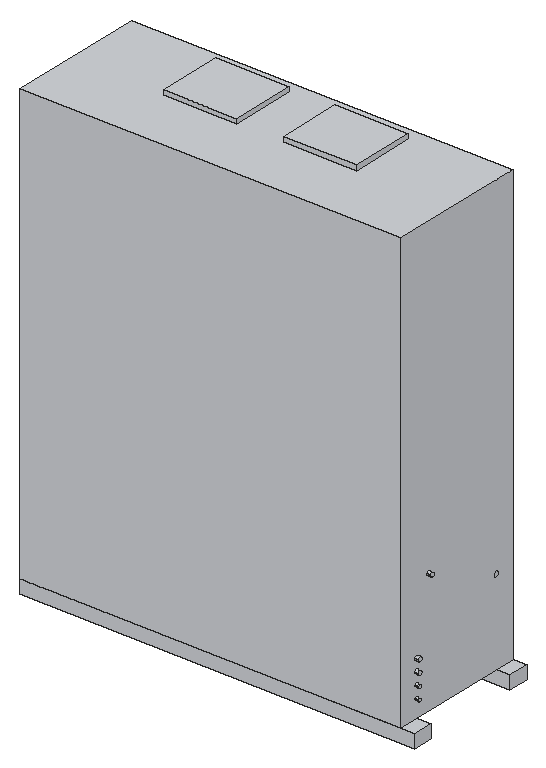
Revit family "03ec7fed845d44ffada9b8b48f5d2ac9", category Mechanical Equipment, Revit 2021
Family settings
  Round Connector Dimension = Use Radius
  Part Type = Normal
  OmniClass Number = 23.75.10.24.21.27.11
  OmniClass Title = Packaged Air Conditioners
  Seek Item ID = Air Conditioner - Vertical Packaged - Air Cooled - 10-15 Tons-0000-USA-ENU
  Work Plane-Based = No
  Always vertical = Yes
  Cut with Voids When Loaded = No
  Shared = No
  Room Calculation Point = No
Parameters (values of type "15 Tons")
  Voltage = 460 V
  Outlet Radius = 3/8"
  Outlet Diameter = Outlet Radius * 2  # 3/4"
  Number of Poles = 3
  Material = none
  Load Classification = Cooling
  Inlet Radius = 1/4"
  Inlet Diameter = Inlet Radius * 2  # 1/2"
  Height 1 = 2' - 1 131/256"
  Duct Width = 15 51/128"
  Duct Height = 13 169/256"
  Drain Radius = 3/8"
  Drain Flow [instance] = 0 GPM
  Default Elevation = 0' - 0"
  Conditioner Width = 2' - 5 133/256"
  Conditioner Length = 6' - 8 79/256"
  Conditioner Height = 7' - 8 91/128"
  C7 Offset 2 = 0' - 7 23/128"
  C7 Offset 1 = 2' - 5 3/256"
  C5 Offset 2 = 1' - 6 9/64"
  C5 Offset 1 = 0' - 4 45/128"
  C4 Offset 2 = 0' - 2 143/256"
  C3 Offset 2 = 0' - 2 143/256"
  C2 Offset 2 = 0' - 2 143/256"
  C6 Offset1 = 1' - 7 53/64"
  C1 Offset 2 = 0' - 3 241/256"
  C1 Offset 1 = 0' - 3 241/256"
  Assembly Code = ""
  Apparent Load = 16700 VA
  Air Flow [instance] = 3000 CFM
Types (3): name | Outlet Radius | Outlet Diameter | Material | Conditioner Length | Conditioner Height | C7 Offset 2 | C7 Offset 1 | C5 Offset 2 | C6 Offset1 | Apparent Load | Air Flow
  10 Tons | 5/16" | 5/8" | Air Infiltration Barrier | 5' - 5 3/4" | 7' - 4 25/32" | 0' - 7 123/256" | 2' - 1" | 1' - 2 51/256" | 0' - 7 5/128" | 12400 VA | 2000 CFM
  12 Tons | 5/16" | 5/8" | none | 5' - 5 3/4" | 7' - 8 91/128" | 0' - 7 123/256" | 2' - 5 3/256" | 1' - 6 9/64" | 0' - 7 5/128" | 13100 VA | 2400 CFM
  15 Tons | 3/8" | 3/4" | none | 6' - 8 79/256" | 7' - 8 91/128" | 0' - 7 23/128" | 2' - 5 3/256" | 1' - 6 9/64" | 1' - 7 53/64" | 16700 VA | 3000 CFM
Reference planes (in)
  plane 1 "Center (Front/Back)": y = 0
  plane 2: z = 0
  plane 3 "Center (Left/Right)": x = 0
  plane 4: y = 29.51953
  plane 5: x = 80.30859
  plane 6: z = 95.47094
  plane 7: z = 2.76
  plane 8: z = 49.11547
  plane 9: z = 61.87133
  plane 10: z = 36.35961
  plane 11: x = 2
  plane 12: x = 78.30859
  plane 13: y = 25.21953
  plane 14: y = 4.3
  plane 15: x = 83.30859
  plane 16: y = 3.94141
  plane 17: z = 9.26
  plane 18: z = 6.70141
  plane 19: y = 25.16797
  plane 20: z = 20.90062
  plane 21: x = 81.30859
  plane 22: x = 79.30859
  plane 23: x = -1
  plane 24: z = 11.81859
  plane 25: z = 14.37719
  plane 26: x = 19.82813
  plane 27: x = 35.22656
  plane 28: x = 45.06656
  plane 29: y = 26.84969
  plane 30: y = 13.18953
  plane 31: x = 60.465
  plane 32: z = 96.47094
  plane 33: z = 29.01172
  plane 34: y = 7.17969
Forms (in)
  Extrusion 1, solid, material <- "Material"
    sketch origin (0, 0, 0) x (1, 0, 0) y (0, 1, 0)
      loop
        line (0, 29.51953) -> (0, 0) -> (80.30859, 0) -> (80.30859, 29.51953) -> (0, 29.51953)
    from 2.76 to 95.47094
  Extrusion 2, solid, material <- "Material"
    sketch origin (0, 0, 0) x (1, 0, 0) y (0, 1, 0)
      loop
        line (0, 29.51953) -> (0, 25.21953) -> (83.30859, 25.21953) -> (83.30859, 29.51953) -> (0, 29.51953)
    from 0 to 2.76
  Extrusion 3, solid, material <- "Material"
    sketch origin (0, 0, 0) x (1, 0, 0) y (0, 1, 0)
      loop
        line (0, 4.3) -> (0, 0) -> (83.30859, 0) -> (83.30859, 4.3) -> (0, 4.3)
    from 0 to 2.76
  Extrusion 4, solid, material <- "Material"
    sketch origin (0, 0, 0) x (0, 1, 0) y (0, 0, 1)
      loop
        circle (3.94141, 9.26) r 0.25
    from 80.30859 to 81.30859
  Extrusion 5, solid, material <- "Material"
    sketch origin (0, 0, 0) x (0, 1, 0) y (0, 0, 1)
      loop
        circle (3.94141, 6.70141) r 0.25
    from 80.30859 to 81.30859
  Extrusion 6, solid, material <- "Material"
    sketch origin (0, 0, 0) x (0, 1, 0) y (0, 0, 1)
      loop
        circle (25.16797, 20.90062) r 0.5
    from 79.30859 to 80.30859
  Extrusion 7, solid, material <- "Material"
    sketch origin (0, 0, 0) x (0, 1, 0) y (0, 0, 1)
      loop
        circle (3.94141, 14.37719) r 0.375
    from 80.30859 to 81.30859
  Extrusion 8, solid, material <- "Material"
    sketch origin (0, 0, 0) x (0, 1, 0) y (0, 0, 1)
      loop
        circle (3.94141, 11.81859) r 0.375
    from 80.30859 to 81.30859
  Extrusion 9, solid
    sketch origin (0, 0, 0) x (1, 0, 0) y (0, 1, 0)
      loop
        line (19.82813, 26.84969) -> (19.82813, 13.18953) -> (35.22656, 13.18953) -> (35.22656, 26.84969) -> (19.82813, 26.84969)
      loop
        line (45.06656, 26.84969) -> (45.06656, 13.18953) -> (60.465, 13.18953) -> (60.465, 26.84969) -> (45.06656, 26.84969)
    from 96.47094 to 95.47094
  Extrusion 10, solid
    sketch origin (80.30859, 49.54919, 48) x (0, 1, 0) y (0, 0, 1)
      loop
        circle (-42.3695, -18.98828) r 0.375
    from 0 to 1
Lines and regions (in)
  model lines, detail levels fine
    curve 1: line (2, 0, 61.87133) -> (78.30859, 0, 61.87133)
    curve 2: line (2, 0, 36.35961) -> (2, 0, 61.87133)
    curve 3: line (78.30859, 0, 36.35961) -> (2, 0, 36.35961)
    curve 4: line (78.30859, 0, 61.87133) -> (78.30859, 0, 36.35961)
    curve 5: line (2, 0, 49.11547) -> (78.30859, 0, 49.11547)
    curve 6: line (2, 0, 57.61937) -> (78.30859, 0, 57.61937)
    curve 7: line (2, 0, 44.86352) -> (78.30859, 0, 44.86352)
    curve 8: line (2, 0, 40.61156) -> (78.30859, 0, 40.61156)
    curve 9: line (2, 0, 53.36742) -> (78.30859, 0, 53.36742)
Dimensions and locks (in)
  "Conditioner Length": plane 3 "Center (Left/Right)" to plane 5
  "Conditioner Width": plane 4 to plane 1 "Center (Front/Back)"
  locked: plane 7 to plane 2 at 2.76
  "Conditioner Height": plane 6 to plane 7
  equal spacing: plane 6, plane 8, plane 7
  equal spacing: plane 9, plane 8, plane 10
  "Height 1": plane 9 to plane 10
  locked: plane 11 to plane 3 "Center (Left/Right)" at 2
  locked: plane 5 to plane 12 at 2
  locked: plane 4 to plane 13 at 4.3
  locked: plane 14 to plane 1 "Center (Front/Back)" at 4.3
  locked: plane 5 to plane 15 at 3
  "C1 Offset 1": plane 1 "Center (Front/Back)" to plane 16
  "C1 Offset 2": plane 18 to plane 7
  "C3 Offset 2": plane 17 to plane 18
  "C5 Offset 1": plane 19 to plane 4
  "C5 Offset 2": plane 20 to plane 7
  locked: plane 21 to plane 5 at 1
  locked: plane 5 to plane 22 at 1
  locked: plane 3 "Center (Left/Right)" to plane 23 at 1
  equal spacing: curve 1, curve 6, curve 9, curve 5, curve 7, curve 8, curve 3
  "C2 Offset 2": plane 24 to plane 17
  "C4 Offset 2": plane 25 to plane 24
  "Duct Width": plane 28 to plane 31
  "Duct Width": plane 26 to plane 27
  "C6 Offset1": plane 3 "Center (Left/Right)" to plane 26
  locked: plane 27 to plane 28 at 9.84
  "Duct Height": plane 29 to plane 30
  locked: plane 4 to plane 29 at 2.66984
  locked: plane 32 to plane 6 at 1
  "C7 Offset 1": plane 33 to plane 2
  "C7 Offset 2": plane 34 to plane 1 "Center (Front/Back)"
  "Inlet Radius": radius of Extrusion 4 sketch curve
  "Inlet Radius": radius of Extrusion 5 sketch curve
  radius of Extrusion 6 sketch curve = 0' - 0 1/2"
  "Outlet Radius": radius of Extrusion 7 sketch curve
  "Outlet Radius": radius of Extrusion 8 sketch curve
  "Drain Radius": radius of Extrusion 10 sketch curve
  aligned and locked: Extrusion 1 to plane 3 "Center (Left/Right)"
  aligned and locked: Extrusion 1 to plane 4
  aligned and locked: plane 5 to Extrusion 1
  aligned and locked: plane 1 "Center (Front/Back)" to Extrusion 1
  aligned and locked: Extrusion 1 to plane 6
  aligned and locked: Extrusion 1 to plane 7
  aligned and locked: plane 11 to curve 1
  aligned and locked: curve 1 to plane 9
  aligned and locked: curve 4 to plane 12
  aligned and locked: Extrusion 2 to plane 13
  aligned and locked: Extrusion 3 to plane 14
  aligned and locked: Extrusion 2 to plane 4
  aligned and locked: plane 1 "Center (Front/Back)" to Extrusion 3
  aligned and locked: plane 15 to Extrusion 2
  aligned and locked: Extrusion 3 to plane 15
  aligned and locked: Extrusion 2 to plane 3 "Center (Left/Right)"
  aligned and locked: Extrusion 3 to plane 3 "Center (Left/Right)"
  aligned and locked: Extrusion 3 to plane 2
  aligned and locked: Extrusion 2 to plane 2
  aligned and locked: Extrusion 3 to plane 7
  aligned and locked: Extrusion 2 to plane 7
  aligned and locked: plane 17 to Extrusion 4 sketch curve
  aligned and locked: plane 16 to Extrusion 4 sketch curve
  aligned and locked: plane 16 to Extrusion 5 sketch curve
  aligned and locked: plane 18 to Extrusion 5 sketch curve
  aligned and locked: plane 19 to Extrusion 6 sketch curve
  aligned and locked: plane 20 to Extrusion 6 sketch curve
  aligned and locked: plane 21 to Extrusion 4
  aligned and locked: plane 21 to Extrusion 5
  aligned and locked: Extrusion 4 to plane 5
  aligned and locked: Extrusion 5 to plane 5
  aligned and locked: plane 22 to Extrusion 6
  aligned and locked: plane 5 to Extrusion 6
  aligned and locked: plane 11 to curve 6
  aligned and locked: plane 12 to curve 6
  aligned and locked: plane 25 to Extrusion 7 sketch curve
  aligned and locked: plane 16 to Extrusion 7 sketch curve
  aligned and locked: plane 16 to Extrusion 8 sketch curve
  aligned and locked: plane 24 to Extrusion 8 sketch curve
  aligned and locked: plane 21 to Extrusion 7
  aligned and locked: plane 21 to Extrusion 8
  aligned and locked: Extrusion 7 to plane 5
  aligned and locked: Extrusion 8 to plane 5
  aligned and locked: plane 26 to Extrusion 9 sketch curve
  aligned and locked: Extrusion 9 sketch curve to plane 29  (x2)
  aligned and locked: plane 30 to Extrusion 9 sketch curve  (x2)
  aligned and locked: Extrusion 9 sketch curve to plane 27
  aligned and locked: plane 28 to Extrusion 9 sketch curve
  aligned and locked: Extrusion 9 sketch curve to plane 31
  aligned and locked: Extrusion 9 to Extrusion 1
  aligned and locked: plane 32 to Extrusion 9
  aligned and locked: plane 33 to Extrusion 10 sketch curve
  aligned and locked: plane 34 to Extrusion 10 sketch curve
  aligned and locked: Extrusion 10 to Extrusion 1
  aligned and locked: Extrusion 4 to Extrusion 10
Automatic sketch dimensions
  Extrusion 1 sketch curve to plane 1 "Center (Front/Back)" = 0' - 0"
  Extrusion 1 sketch curve to plane 3 "Center (Left/Right)" = 0' - 0"
  Extrusion 1 sketch curve to plane 5 = 0' - 0"
  Extrusion 1 sketch curve to plane 4 = 0' - 0"
  Extrusion 2 sketch curve to plane 3 "Center (Left/Right)" = 0' - 0"
  plane 5 to Extrusion 2 sketch curve = 0' - 3"
  Extrusion 2 sketch curve to plane 4 = 0' - 4.3"
  Extrusion 2 sketch curve to plane 4 = 0' - 0"
  Extrusion 3 sketch curve to plane 3 "Center (Left/Right)" = 0' - 0"
  Extrusion 3 sketch curve to plane 1 "Center (Front/Back)" = 0' - 0"
  plane 5 to Extrusion 3 sketch curve = 0' - 3"
  Extrusion 3 sketch curve to Extrusion 3 sketch curve = 0' - 4.3"
  curve 4 to plane 10 = 0' - 0"
Connectors (in)
  piping at (81.30859, 3.94141, 6.70141), diameter 0.5, driven by "Inlet Radius"
    settings: on Extrusion 5, index 1, connector inside diameter 1/2", connector length 0' - 0", flow factor 0, pipe flow 0 GPM, pressure drop 0.00 psi, fitting loss kfactor 0, connector angle 0.00°, fixture units 0, engagement length 0' - 0", angle of deflection 0.00°, flow configuration 1, flow direction 1, fitting loss method 0, system type 22, joint type 0, gender type 0, connector reference index -1, connector utility 0, adjustable connector no, is connector primary yes, connector description "Cryogen In"
  piping at (81.30859, 3.94141, 11.81859), diameter 0.5, driven by "Inlet Radius"
    settings: on Extrusion 8, index 2, connector inside diameter 1/2", connector length 0' - 0", flow factor 0, pipe flow 0 GPM, pressure drop 0.00 psi, fitting loss kfactor 0, connector angle 0.00°, fixture units 0, engagement length 0' - 0", angle of deflection 0.00°, flow configuration 1, flow direction 2, fitting loss method 0, system type 22, joint type 0, gender type 0, connector reference index -1, connector utility 0, adjustable connector no, is connector primary no, connector description "Cryogen In"
  piping at (81.30859, 3.94141, 9.26), diameter 0.75, driven by "Outlet Radius"
    settings: on Extrusion 4, index 5, connector inside diameter 3/4", connector length 0' - 0", flow factor 0, pipe flow 0 GPM, pressure drop 0.00 psi, fitting loss kfactor 0, connector angle 0.00°, fixture units 0, engagement length 0' - 0", angle of deflection 0.00°, flow configuration 1, flow direction 1, fitting loss method 0, system type 22, joint type 0, gender type 0, connector reference index -1, connector utility 0, adjustable connector no, is connector primary no, connector description "Cryogen Out"
  piping at (81.30859, 3.94141, 14.37719), diameter 0.75, driven by "Outlet Radius"
    settings: on Extrusion 7, index 6, connector inside diameter 3/4", connector length 0' - 0", flow factor 0, pipe flow 0 GPM, pressure drop 0.00 psi, fitting loss kfactor 0, connector angle 0.00°, fixture units 0, engagement length 0' - 0", angle of deflection 0.00°, flow configuration 1, flow direction 2, fitting loss method 0, system type 22, joint type 0, gender type 0, connector reference index -1, connector utility 0, adjustable connector no, is connector primary no, connector description "Cryogen Out"
  electrical at (80.30859, 25.16797, 20.90062), driven by "Apparent Load", driven by "Voltage", driven by "Number of Poles", driven by "Load Classification"
    settings: on Extrusion 6, index 9, voltage 460 V, apparent load 16700 VA, apparent load phase1 0 VA, apparent load phase2 0 VA, apparent load phase3 0 VA, power factor 0.8, load classification "Cooling", number of poles 3, system type 30, power factor state 1, is connector primary yes, connector utility no, sub classification motor no, connector description ""
  hvac at (27.52734, 20.01961, 96.47094), driven by "Air Flow", driven by "Duct Height", driven by "Duct Width"
    settings: on Extrusion 9, index 10, duct flow 3000 CFM, flow factor 0, pres drop 0.00 in-wg, loss coef 0, conn angle 0.00°, conn width 15 51/128", conn height 13 169/256", conn diameter 24", duct sys type 1, conn prof type 1, flow config 0, flow direction 2, loss method 0, conn ref index -1, conn util no, is conn primary yes, conn desc ""
  hvac at (52.76578, 20.01961, 96.47094), driven by "Air Flow", driven by "Duct Height", driven by "Duct Width"
    settings: on Extrusion 9, index 11, duct flow 3000 CFM, flow factor 0, pres drop 0.00 in-wg, loss coef 0, conn angle 0.00°, conn width 15 51/128", conn height 13 169/256", conn diameter 24", duct sys type 1, conn prof type 1, flow config 0, flow direction 2, loss method 0, conn ref index -1, conn util no, is conn primary no, conn desc ""
  piping at (81.30859, 7.17969, 29.01172), diameter 0.75, driven by "Drain Radius", driven by "Drain Flow"
    settings: on Extrusion 10, index 12, connector inside diameter 3/4", connector length 0' - 0", flow factor 0, pipe flow 0 GPM, pressure drop 0.00 psi, fitting loss kfactor 0, connector angle 0.00°, fixture units 0, engagement length 0' - 0", angle of deflection 0.00°, flow configuration 1, flow direction 2, fitting loss method 0, system type 16, joint type 0, gender type 0, connector reference index -1, connector utility 0, adjustable connector yes, is connector primary no, connector description ""
